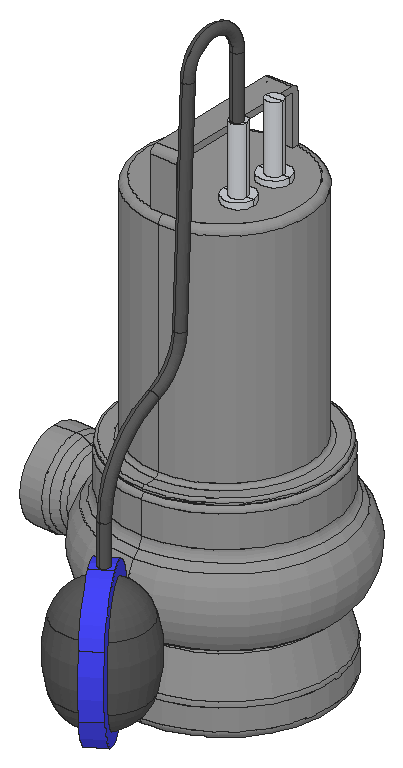
Revit family "IP 900_50_D", category Mechanical Equipment, Revit 2018
Family settings
  Round Connector Dimension = Use Radius
  Part Type = Normal
  Work Plane-Based = No
  Always vertical = Yes
  Cut with Voids When Loaded = No
  Shared = No
  Room Calculation Point = No
Parameters (values of type "IP 900 W")
  Weight (kg) [instance] = "12"
  Volute [instance] = Stainless steel 1.4401 (AISI 316)
  Speed (r/min) [instance] = 2900
  Solids Size [instance] = "30"
  Rotor Shaft [instance] = Stainless steel 1.4401 (AISI 316)
  Rated Voltage (V) = "220-240 1~"
  Rated Current (A) = "6.6"
  Product Specification Link = "https://www.sulzer.com/en/shared/products/2017/03/28/14/16/light-drainage-pump-type-abs-ip"
  Other Seals = Viton
  Motor Power (kW) = "P1=1.5 P2=1.1"
  Motor Housing = Stainless steel 1.4401 (AISI 316)
  Motor Cable = PVC
  Model = "Light Drainage Pump Type ABS IP 900"
  Mechanical Seal = Silicon Carbide
  Manufacturer = "Sulzer"
  Impeller = Stainless steel 1.4401 (AISI 316)
  Head(m) = 11.7 mm
  Float Housing [instance] = Polypropylene
  Float Cable [instance] = PVC
  Fasteners [instance] = Stainless steel 1.4401 (AISI 316)
  Discharge G 2" [instance] = 50.8 mm / 2  # 25.4 mm
  Discharge Connection [instance] = "G 2\""
  Description = "The IP 900 is a high-grade stainless steel pump for aggressive\r\nmedia. Vortex hydraulics with 30 mm free passage make it\r\nparticularly suitable for the pumping of fluids containing\r\ngaseous or abrasive particles."
  Capacity(m3/hr) = 18.00 m³
  Cable Type (H05V V-F) = "3G1.0"
  Cable Length (m) = "10"
  Assembly Code = ""
Types (3, lengths in mm): name | Rated Voltage (V) | Rated Current (A) | Motor Power (kW) | Cable Type (H05V V-F)
  (no name) | "220-240 1~" | "6.6" | "P1=1.5 P2=1.1" | "3G1.0"
  IP 900 D | "400 3~" | "2.4" | "P1=1.4 P2=1.1" | "4G1.0"
  IP 900 W | "220-240 1~" | "6.6" | "P1=1.5 P2=1.1" | "3G1.0"
Reference planes
  plane 1 "Center (Front/Back)": y = 0
  plane 2: z = 0
  plane 3 "Center (Left/Right)": x = 0
  plane 4: z = 208
  plane 5: z = 323.6
  plane 6: x = 9.5
  plane 7: z = 215
  plane 8: y = 32
  plane 9: y = 16.2
  plane 10: x = -9.5
  plane 11: y = -16.2
  plane 12: through (-12.786, 32, 1200) normal (0.4895, -0.872, 0)
  plane 13: x = 22
Forms (mm)
  Revolve 1, solid, material "Stainless steel 1.4401 (AISI 316)" <- "Motor Housing"
    sketch origin (0, 0, 0) x (0, 1, 0) y (0, 0, 1)
      loop
        arc (63, 155.091) -> (60.879, 155.969) -> (60, 158.091) r 3
        line (60, 158.091) -> (60, 318.6)
        arc (60, 318.6) -> (58.536, 322.136) -> (55, 323.6) r 5
        line (55, 323.6) -> (0, 323.6) -> (0, 0) -> (70.5, 0)
        arc (70.5, 0) -> (74.743, 1.757) -> (76.5, 6) r 6
        line (76.5, 6) -> (76.5, 21.568)
        arc (76.5, 21.568) -> (76.38, 23.396) -> (76.023, 25.192) r 14
        line (76.023, 25.192) -> (68.692, 52.553)
        arc (68.692, 52.553) -> (66.549, 55.76) -> (62.896, 57) r 6
        line (62.896, 57) -> (71.232, 57)
        arc (71.232, 57) -> (75.033, 57.751) -> (78.264, 59.889) r 10
        arc (78.264, 59.889) -> (89.883, 84.96) -> (82.245, 111.516) r 39.533
        line (82.245, 111.516) -> (78.028, 116.342)
        arc (78.028, 116.342) -> (75.788, 119.619) -> (75, 123.511) r 10
        line (75, 123.511) -> (75, 146.58)
        arc (75, 146.58) -> (74.162, 149.029) -> (72, 150.453) r 4
        line (72, 150.453) -> (72, 152.091) -> (74, 152.091) -> (74, 153.091)
        arc (74, 153.091) -> (73.414, 154.505) -> (72, 155.091) r 2
        line (72, 155.091) -> (63, 155.091)
      axis (0, 323.6) -> (0, 0)
    angle from 0 to 360
  Extrusion 2, solid, material "Float Material Blue"
    sketch origin (419.651, -842.049, 916.884) x (-0.25, 0.433013, 0.866025) y (0.433013, -0.75, 0.5)
      loop
        arc (-318.356, -1070.237) -> (-339.635, -1079.195) -> (-358.033, -1093.144) r 92.5
        arc (-358.033, -1093.144) -> (-366.296, -1144.817) -> (-317.414, -1163.498) r 41.5
        arc (-317.414, -1163.498) -> (-296.135, -1154.539) -> (-277.738, -1140.59) r 92.5
        arc (-277.738, -1140.59) -> (-264.149, -1114.07) -> (-271.836, -1085.28) r 41.5
        arc (-271.836, -1085.28) -> (-292.645, -1070.18) -> (-318.356, -1070.237) r 41.5
    from 0 to 15
  Revolve 3, solid, material "Float Material (Black)"
    sketch origin (496.746, -960.581, 672.319) x (-0.25, 0.433013, 0.866025) y (0.433013, -0.75, 0.5)
      loop
        line (-76.536, -1140.566) -> (5.555, -1093.156)
        arc (5.555, -1093.156) -> (-10.015, -1079.484) -> (-30.666, -1077.79) r 33
        arc (-30.666, -1077.79) -> (-52.914, -1086.691) -> (-71.743, -1101.513) r 84
        arc (-71.743, -1101.513) -> (-80.596, -1120.247) -> (-76.536, -1140.566) r 33
      axis (5.555, -1093.156) -> (-76.536, -1140.566)
    angle from 0 to 360
  Sweep 4, solid, material "Hose Material"
    path origin (22, -1524, 428.658) x (0, 0, 1) y (0, -1, 0)
      loop
        line (-289.605, -1387.076) -> (-260.394, -1387.076)
        arc (-260.394, -1387.076) -> (-222.736, -1399.186) -> (-199.197, -1430.977) r 64.604
        arc (-199.197, -1430.977) -> (-186.768, -1448.424) -> (-166.622, -1455.703) r 35.946
        line (-166.622, -1455.703) -> (-8.068, -1462.711)
        arc (-8.068, -1462.711) -> (14.477, -1485.255) -> (-8.068, -1507.8) r 22.545
        line (-8.068, -1507.8) -> (-53.068, -1507.8)
    profile origin (22, -136.924, 153.659) x (0, -1, 0) y (1, 0, 0)
      loop
        circle (0, 0) r 4
  Revolve 5, solid, material "Stainless steel 1.4401 (AISI 316)" <- "Motor Housing"
    sketch origin (0, 0, 0) x (1, 0, 0) y (0, 0, 1)
      loop
        line (-97.687, 115.651) -> (-102.813, 118.349)
        arc (-102.813, 118.349) -> (-105.072, 119.208) -> (-107.471, 119.5) r 10
        line (-107.471, 119.5) -> (-123, 119.5) -> (-123, 88) -> (-0.429, 88) -> (-0.429, 114.5) -> (-93.029, 114.5)
        arc (-93.029, 114.5) -> (-95.428, 114.792) -> (-97.687, 115.651) r 10
      axis (-0.429, 88) -> (-123, 88)
    angle from 0 to 360
  Extrusion 6, solid, material "Stainless steel 1.4401 (AISI 316)" <- "Motor Housing"
    sketch origin (-9.5, -16.2, 1200) x (0, -1, 0) y (0, 0, 1)
      loop
        line (33.8, -836) -> (-65.2, -836)
        arc (-65.2, -836) -> (-68.736, -837.464) -> (-70.2, -841) r 5
        line (-70.2, -841) -> (-70.2, -882) -> (38.8, -882) -> (38.8, -841)
        arc (38.8, -841) -> (37.336, -837.464) -> (33.8, -836) r 5
      loop
        line (-66.2, -876.4) -> (34.8, -876.4) -> (34.8, -841)
        arc (34.8, -841) -> (34.507, -840.293) -> (33.8, -840) r 1
        line (33.8, -840) -> (-65.2, -840)
        arc (-65.2, -840) -> (-65.907, -840.293) -> (-66.2, -841) r 1
        line (-66.2, -841) -> (-66.2, -876.4)
    from 0 to -19
  Revolve 7, solid
    sketch origin (29, -16.2, 1200) x (-1, 0, 0) y (0, 0, 1)
      loop
        line (0.02, -824.409) -> (0.02, -872.409) -> (-5, -872.409) -> (-5, -876.409) -> (6, -876.409) -> (6, -824.409) -> (0.02, -824.409)
      axis (6, -824.409) -> (6, -876.409)
    angle from 0 to 360
  Revolve 8, solid
    sketch origin (29, 16.2, 1200) x (-1, 0, 0) y (0, 0, 1)
      loop
        line (0.02, -824.409) -> (0.02, -872.409) -> (-5, -872.409) -> (-5, -876.409) -> (6, -876.409) -> (6, -824.409) -> (0.02, -824.409)
      axis (6, -824.409) -> (6, -876.409)
    angle from 0 to 360
Cuts and joins
  joined: Revolve 1, Revolve 5, Extrusion 6
Dimensions and locks
  equal spacing: plane 9, plane 1 "Center (Front/Back)", plane 11
  aligned and locked: level to plane 2
  aligned and locked: plane 6 to Extrusion 6
  aligned and locked: plane 10 to Extrusion 6
  aligned and locked: plane 5 to Revolve 1 sketch curve
  aligned and locked: plane 5 to Extrusion 6 sketch curve
Automatic sketch dimensions
  Revolve 1 sketch curve to level = 0 mm  (x2)
  Revolve 1 sketch curve to plane 1 "Center (Front/Back)" = 0 mm  (x2)
  plane 8 to Revolve 1 sketch curve = 18.467 mm
  plane 8 to Revolve 1 sketch curve = 23 mm
  plane 8 to Revolve 1 sketch curve = 28 mm
  plane 8 to Revolve 1 sketch curve = 30.5 mm
  plane 8 to Revolve 1 sketch curve = 30.896 mm
  Revolve 1 sketch curve to Revolve 1 sketch curve = 0 mm  (x4)
  Revolve 1 sketch curve to Revolve 1 sketch curve = 3 mm
  Revolve 1 sketch curve to Revolve 1 sketch curve = 5.796 mm
  level to Revolve 1 sketch curve = 6 mm
  Revolve 1 sketch curve to Revolve 1 sketch curve = 8 mm  (x2)
  Revolve 1 sketch curve to Revolve 1 sketch curve = 2.541 mm
  Revolve 1 sketch curve to Revolve 1 sketch curve = 1 mm  (x2)
  Revolve 1 sketch curve to Revolve 1 sketch curve = 2 mm
  Revolve 1 sketch curve to Revolve 1 sketch curve = 4 mm
  level to Revolve 1 sketch curve = 25.192 mm
  Revolve 1 sketch curve to Revolve 1 sketch curve = 0.477 mm
  Revolve 1 sketch curve to Revolve 1 sketch curve = 3.028 mm
  Revolve 1 sketch curve to Revolve 1 sketch curve = 7.031 mm
  Revolve 1 sketch curve to Revolve 1 sketch curve = 4.217 mm
  Revolve 1 sketch curve to Revolve 1 sketch curve = 6.972 mm
  Revolve 1 sketch curve to level = 85 mm
  Revolve 1 sketch curve to Revolve 1 sketch curve = 25.808 mm
  Revolve 1 sketch curve to Revolve 1 sketch curve = 1.553 mm
  Revolve 1 sketch curve to Revolve 1 sketch curve = 2.889 mm
  Revolve 1 sketch curve to Revolve 1 sketch curve = 4.825 mm
  Revolve 1 sketch curve to Revolve 1 sketch curve = 23.069 mm
  Revolve 1 sketch curve to Revolve 1 sketch curve = 1.638 mm
  Extrusion 6 sketch curve to Extrusion 6 sketch curve = 0 mm  (x4)
  Extrusion 6 sketch curve to plane 5 = 5.6 mm
  plane 8 to Extrusion 6 sketch curve = 22 mm
  Extrusion 6 sketch curve to Extrusion 6 sketch curve = 4 mm
  Extrusion 6 sketch curve to Extrusion 6 sketch curve = 1 mm  (x2)
  Extrusion 6 sketch curve to plane 11 = 33.8 mm
  plane 5 to Extrusion 6 sketch curve = 35.4 mm
  Revolve 7 sketch curve to plane 5 = 0.009 mm
  plane 13 to Revolve 7 sketch curve = 12 mm
  Revolve 7 sketch curve to Revolve 7 sketch curve = 5.02 mm
  plane 13 to Revolve 7 sketch curve = 1 mm
  Revolve 7 sketch curve to Revolve 7 sketch curve = 0 mm  (x2)
  Revolve 7 sketch curve to Revolve 7 sketch curve = 45 mm
  plane 5 to Revolve 7 sketch curve = 3.991 mm
  Revolve 7 sketch curve to Revolve 7 sketch curve = 48 mm
  Revolve 8 sketch curve to plane 5 = 0.009 mm
  plane 13 to Revolve 8 sketch curve = 12 mm
  Revolve 8 sketch curve to Revolve 8 sketch curve = 5.02 mm
  plane 13 to Revolve 8 sketch curve = 1 mm
  Revolve 8 sketch curve to Revolve 8 sketch curve = 0 mm  (x2)
  Revolve 8 sketch curve to Revolve 8 sketch curve = 45 mm
  plane 5 to Revolve 8 sketch curve = 3.991 mm
  Revolve 8 sketch curve to Revolve 8 sketch curve = 48 mm
  Extrusion 2 sketch curve to Extrusion 2 sketch curve = 0 mm  (x4)
  level to Extrusion 2 sketch curve = 60.246 mm
  Extrusion 2 sketch curve to Extrusion 2 sketch curve = 15.648 mm  (x2)
  Extrusion 2 sketch curve to Extrusion 2 sketch curve = 27.677 mm
  Extrusion 2 sketch curve to Extrusion 2 sketch curve = 24.029 mm  (x2)
  Extrusion 2 sketch curve to Extrusion 2 sketch curve = 12.942 mm
  Extrusion 2 sketch curve to Extrusion 2 sketch curve = 24.942 mm
  Extrusion 2 sketch curve to Extrusion 2 sketch curve = 33.579 mm
  Extrusion 2 sketch curve to Extrusion 2 sketch curve = 16.523 mm
  Extrusion 2 sketch curve to Extrusion 2 sketch curve = 14.4 mm
  Extrusion 2 sketch curve to Extrusion 2 sketch curve = 30.923 mm
  Revolve 3 sketch curve to level = 16.246 mm
  Revolve 3 sketch curve to Revolve 3 sketch curve = 43.298 mm
  Revolve 3 sketch curve to Revolve 3 sketch curve = 1.732 mm
  Revolve 3 sketch curve to Revolve 3 sketch curve = 4.793 mm
  Revolve 3 sketch curve to Revolve 3 sketch curve = 0 mm  (x2)
  Revolve 3 sketch curve to Revolve 3 sketch curve = 23.901 mm
  Revolve 3 sketch curve to Revolve 3 sketch curve = 41.077 mm
  Revolve 3 sketch curve to Revolve 3 sketch curve = 24.94 mm
  Revolve 3 sketch curve to Revolve 3 sketch curve = 11.998 mm
  Revolve 3 sketch curve to Revolve 3 sketch curve = 28.458 mm
  Revolve 3 sketch curve to Revolve 3 sketch curve = 7.14 mm
  Revolve 3 sketch curve to Revolve 3 sketch curve = 25.006 mm
  Revolve 3 sketch curve to Revolve 3 sketch curve = 1 mm
  Sweep 4 sketch curve to profile plane = 0 mm  (x2)
  Sweep 4 sketch curve to plane 11 = 0 mm
  Sweep 4 sketch curve to plane 4 = 68.947 mm
  Sweep 4 sketch curve to plane 4 = 39.735 mm
  plane 7 to Sweep 4 sketch curve = 14.462 mm
  Sweep 4 sketch curve to Sweep 4 sketch curve = 32.575 mm
  Sweep 4 sketch curve to Sweep 4 sketch curve = 1.587 mm
  plane 5 to Sweep 4 sketch curve = 51.991 mm
  Sweep 4 sketch curve to Sweep 4 sketch curve = 45 mm
  Sweep 4 sketch curve to plane 11 = 22.545 mm
  Sweep 4 sketch curve to plane 11 = 52.097 mm
  Sweep 4 sketch curve to plane 11 = 56.12 mm
  Sweep 4 sketch curve to Sweep 4 sketch curve = 24.727 mm
  level to Revolve 5 sketch curve = 88 mm
  plane 10 to Revolve 5 sketch curve = 203.5 mm
  Revolve 5 sketch curve to Revolve 5 sketch curve = 90 mm
  Revolve 5 sketch curve to Revolve 5 sketch curve = 0 mm  (x2)
  Revolve 5 sketch curve to Revolve 5 sketch curve = 15.529 mm
  Revolve 5 sketch curve to Revolve 5 sketch curve = 4.657 mm  (x2)
  Revolve 5 sketch curve to Revolve 5 sketch curve = 5.127 mm
  Revolve 5 sketch curve to plane 3 "Center (Left/Right)" = 0.429 mm
  Revolve 5 sketch curve to Revolve 5 sketch curve = 21.5 mm
  Revolve 5 sketch curve to Revolve 5 sketch curve = 26.5 mm
  Revolve 5 sketch curve to Revolve 5 sketch curve = 1.151 mm
  Revolve 5 sketch curve to Revolve 5 sketch curve = 2.698 mm
  radius of Sweep 4 sketch curve = 4 mm
Connectors
  piping at (-123, 0, 88), diameter 50.8, driven by "Discharge G 2""
    settings: on cut or joined group of Revolve 1, Revolve 5, Extrusion 6, index 1, connector inside diameter 50.8 mm, connector length 0 mm, flow factor 0, pipe flow 0.0 L/s, pressure drop 0.0 Pa, fitting loss kfactor 0, connector angle 0.00°, fixture units 0, engagement length 0 mm, angle of deflection 0.00°, flow configuration 0, flow direction 0, fitting loss method 0, system type 29, joint type 0, gender type 0, connector reference index -1, connector utility 0, adjustable connector no, is connector primary yes, connector description "Discharge"
